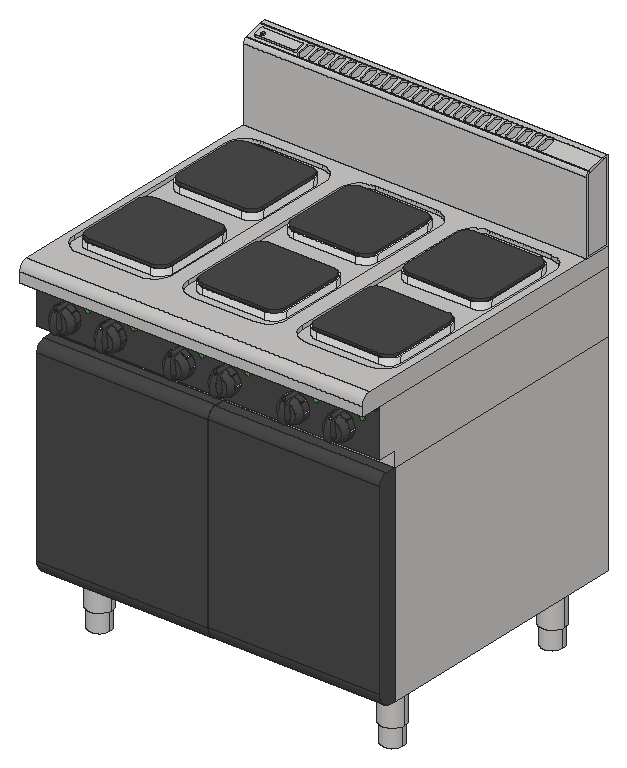
Revit family "QF_Moffat_RNB8600SE-CD_Electric_Cooktops_Sealed_Hobs_cat", category Specialty Equipment, Revit 2019
Family settings
  Round Connector Dimension = Use Diameter
  Part Type = Normal
  Work Plane-Based = No
  Always vertical = Yes
  Cut with Voids When Loaded = No
  Shared = No
  Room Calculation Point = No
Parameters
  Weight in Kilograms = 130
  Watts = 396 W
  Volts = 220 V
  URL Cutsheet = ""
  Specification by User = ""
  Specification by Manufacturer = ""
  Show Low Back [instance] = no
  Show Logo [instance] = yes
  Show High Back [instance] = not(Show Low Back)  # yes
  Serial Number = ""
  Seismic Rating = ""
  SMACNA No = ""
  Revision Code = ""
  Phase = 1
  Number of Poles = 1
  NAFEM Spec ID Number = ""
  Model = "RNB8600SE-CD"
  Min Ckt Ampacity = 0 A
  Max Overcurrent Protection = 0 A
  Masterspec = ""
  Manufacturer = "Moffat"
  Length = 900 mm
  Item Number = ""
  Installed By = ""
  Identify Quantity as Lot = yes
  Height = 1130 mm
  HP = ""
  Furnished By = ""
  Foodservice Equipment Identifier = yes
  FL Amps = 1.8 A
  Electrical Remarks = ""
  Electric Connection Type = ""
  Elec Conn RI Height = 0 mm
  Elec Conn Connection Height = 0 mm
  Description = "Electric Cooktops Sealed Hobs"
  Depth = 805 mm
  Cycle = 50 Hz
  Conn Plug = ""
  Conn Conduit = yes
  CSI MasterFormat = ""
  Apparent Power = if(Phase = 3, Volts * FL Amps * 1.73, Volts * FL Amps)  # 396 VA
Reference planes
  plane 1 "BACK": y = 0
  plane 2: z = 0
  plane 3 "LEFT": x = 0
  plane 4 "RIGHT": x = 900
  plane 5 "FRONT": y = -805
  plane 6 "TOP": z = 1130
  plane 7 "Center Y": x = 450
  plane 8 "Center X": y = -402.5
Dimensions and locks
  equal spacing: plane 3 "LEFT", plane 7 "Center Y", plane 4 "RIGHT"
  "Length": plane 3 "LEFT" to plane 4 "RIGHT"
  equal spacing: plane 5 "FRONT", plane 8 "Center X", plane 1 "BACK"
  "Depth": plane 5 "FRONT" to plane 1 "BACK"
  "Height": plane 6 "TOP" to level
  aligned and locked: level to plane 2
Nested families
  nested 1: "RN8600SE-CD" at (0, 0, 0), type "RN8600SE-CD"
  nested 2: "High and Low Option" at (0, 0, 0), High Back <- "Show High Back", Low Back <- "Show Low Back", Show Logo <- "Show Logo", type "RNLB8610SE"
    with Show Logo 2 yes, Show Logo 1 no, Show Logo yes, Low Back no, High Back yes
Connectors
  electrical at (770, -32, 148.4), driven by "Volts", driven by "Watts"
    settings: on nested 1, index 1, voltage 220 V, apparent load 396 VA, apparent load phase1 0 VA, apparent load phase2 0 VA, apparent load phase3 0 VA, power factor 1, load classification "Other", number of poles 1, system type 30, power factor state 1, is connector primary yes, connector utility no, sub classification motor no, connector description "ELECTRICAL CONNECTION"
Definition of nested family "RN8600SE-CD"
  Parameters (values of type "RN8600SE-CD")
    Weight in Kilograms = 195
    Watts = Volts * FL Amps  # 8800 W
    Volts = 400 V
    URL Cutsheet = ""
    Specification by User = ""
    Specification by Manufacturer = ""
    Serial Number = ""
    Seismic Rating = ""
    SMACNA No = ""
    Revision Code = ""
    Phase = 3
    Number of Poles = 1
    NAFEM Spec ID Number = ""
    Model = "RN8600SE-CD"
    Min Ckt Ampacity = 0 A
    Max Overcurrent Protection = 0 A
    Masterspec = ""
    Manufacturer = "Moffat"
    Length = 900 mm
    Item Number = ""
    Installed By = ""
    Identify Quantity as Lot = yes
    Height = 915 mm
    HP = ""
    Furnished By = ""
    Foodservice Equipment Identifier = yes
    FL Amps = 22 A
    Electrical Remarks = ""
    Electric Connection Type = ""
    Elec Conn RI Height = 0 mm
    Elec Conn Connection Height = 0 mm
    Description = "Electric Cooktops Sealed Hobs"
    Depth = 805 mm
    Cycle = 50 Hz
    Conn Plug = ""
    Conn Conduit = yes
    CSI MasterFormat = ""
    Apparent Power = if(Phase = 3, Volts * FL Amps * 1.73, Volts * FL Amps)  # 15224 VA
  Reference planes
    plane 1 "BACK": y = 0
    plane 2: z = 0
    plane 3 "LEFT": x = 0
    plane 4 "RIGHT": x = 900
    plane 5 "FRONT": y = -805
    plane 6 "TOP": z = 915
    plane 7 "Center Y": x = 450
    plane 8 "Center X": y = -402.5
  Forms (mm)
    Extrusion 1, solid
      sketch origin (0, 0, 0) x (0, 1, 0) y (0, 0, 1)
        loop
          line (-805, 866) -> (0, 866) -> (0, 915) -> (-781, 915)
          arc (-781, 915) -> (-797.971, 907.971) -> (-805, 891) r 24
          line (-805, 891) -> (-805, 866)
      from 0 to 900
    Extrusion 2, solid
      sketch origin (0, 0, 55) x (0, 1, 0) y (0, 0, 1)
        loop
          line (-749, 811) -> (-749, 685) -> (0, 685) -> (0, 811) -> (-749, 811)
      from 0 to 900
    Extrusion 3, solid
      sketch origin (0, 0, 55) x (0, 1, 0) y (0, 0, 1)
        loop
          line (-699, 685) -> (-699, 645.45) -> (0, 645.45) -> (0, 685) -> (-699, 685)
      from 0 to 900
    Extrusion 4, solid
      sketch origin (900, 0, 0) x (0, 1, 0) y (0, 0, -1)
        loop
          line (-699, -700.45) -> (-699, -150) -> (-711, -150)
          arc (-711, -150) -> (-737.87, -161.13) -> (-749, -188) r 38
          line (-749, -188) -> (-749, -676.45)
          arc (-749, -676.45) -> (-741.971, -693.421) -> (-725, -700.45) r 24
          line (-725, -700.45) -> (-699, -700.45)
      from 0 to 449.5
    Extrusion 5, solid
      sketch origin (0, 0, 0) x (0, 1, 0) y (0, 0, 1)
        loop
          line (-699, 700.45) -> (-725, 700.45)
          arc (-725, 700.45) -> (-741.971, 693.421) -> (-749, 676.45) r 24
          line (-749, 676.45) -> (-749, 188)
          arc (-749, 188) -> (-737.87, 161.13) -> (-711, 150) r 38
          line (-711, 150) -> (-699, 150) -> (-699, 700.45)
      from 0 to 449.5
    Extrusion 6, solid
      sketch origin (900, 0, 0) x (0, -1, 0) y (0, 0, 1)
        loop
          line (0, 150) -> (699, 150) -> (699, 700.45) -> (0, 700.45) -> (0, 150)
      from 0 to 900
    Extrusion 7, void
      sketch origin (0, 0, 915) x (1, 0, 0) y (0, -1, 0)
        loop
          line (69, 102) -> (231, 102)
          arc (231, 102) -> (266.355, 116.645) -> (281, 152) r 50
          line (281, 152) -> (281, 652)
          arc (281, 652) -> (266.355, 687.355) -> (231, 702) r 50
          line (231, 702) -> (69, 702)
          arc (69, 702) -> (33.645, 687.355) -> (19, 652) r 50
          line (19, 652) -> (19, 152)
          arc (19, 152) -> (33.645, 116.645) -> (69, 102) r 50
        loop
          line (369, 102) -> (531, 102)
          arc (531, 102) -> (566.355, 116.645) -> (581, 152) r 50
          line (581, 152) -> (581, 652)
          arc (581, 652) -> (566.355, 687.355) -> (531, 702) r 50
          line (531, 702) -> (369, 702)
          arc (369, 702) -> (333.645, 687.355) -> (319, 652) r 50
          line (319, 652) -> (319, 152)
          arc (319, 152) -> (333.645, 116.645) -> (369, 102) r 50
        loop
          line (669, 102) -> (831, 102)
          arc (831, 102) -> (866.355, 116.645) -> (881, 152) r 50
          line (881, 152) -> (881, 652)
          arc (881, 652) -> (866.355, 687.355) -> (831, 702) r 50
          line (831, 702) -> (669, 702)
          arc (669, 702) -> (633.645, 687.355) -> (619, 652) r 50
          line (619, 652) -> (619, 152)
          arc (619, 152) -> (633.645, 116.645) -> (669, 102) r 50
      from 0 to 9.435
    Extrusion 8, solid
      sketch origin (0, -70, 905.565) x (1, 0, 0) y (0, 1, 0)
        loop
          line (232, -68) -> (68, -68)
          arc (68, -68) -> (45.373, -77.373) -> (36, -100) r 32
          line (36, -100) -> (36, -264)
          arc (36, -264) -> (45.373, -286.627) -> (68, -296) r 32
          line (68, -296) -> (232, -296)
          arc (232, -296) -> (254.627, -286.627) -> (264, -264) r 32
          line (264, -264) -> (264, -100)
          arc (264, -100) -> (254.627, -77.373) -> (232, -68) r 32
        loop
          line (532, -68) -> (368, -68)
          arc (368, -68) -> (345.373, -77.373) -> (336, -100) r 32
          line (336, -100) -> (336, -264)
          arc (336, -264) -> (345.373, -286.627) -> (368, -296) r 32
          line (368, -296) -> (532, -296)
          arc (532, -296) -> (554.627, -286.627) -> (564, -264) r 32
          line (564, -264) -> (564, -100)
          arc (564, -100) -> (554.627, -77.373) -> (532, -68) r 32
        loop
          line (832, -68) -> (668, -68)
          arc (668, -68) -> (645.373, -77.373) -> (636, -100) r 32
          line (636, -100) -> (636, -264)
          arc (636, -264) -> (645.373, -286.627) -> (668, -296) r 32
          line (668, -296) -> (832, -296)
          arc (832, -296) -> (854.627, -286.627) -> (864, -264) r 32
          line (864, -264) -> (864, -100)
          arc (864, -100) -> (854.627, -77.373) -> (832, -68) r 32
        loop
          line (232, -368) -> (68, -368)
          arc (68, -368) -> (45.373, -377.373) -> (36, -400) r 32
          line (36, -400) -> (36, -564)
          arc (36, -564) -> (45.373, -586.627) -> (68, -596) r 32
          line (68, -596) -> (232, -596)
          arc (232, -596) -> (254.627, -586.627) -> (264, -564) r 32
          line (264, -564) -> (264, -400)
          arc (264, -400) -> (254.627, -377.373) -> (232, -368) r 32
        loop
          line (532, -368) -> (368, -368)
          arc (368, -368) -> (345.373, -377.373) -> (336, -400) r 32
          line (336, -400) -> (336, -564)
          arc (336, -564) -> (345.373, -586.627) -> (368, -596) r 32
          line (368, -596) -> (532, -596)
          arc (532, -596) -> (554.627, -586.627) -> (564, -564) r 32
          line (564, -564) -> (564, -400)
          arc (564, -400) -> (554.627, -377.373) -> (532, -368) r 32
        loop
          line (832, -368) -> (668, -368)
          arc (668, -368) -> (645.373, -377.373) -> (636, -400) r 32
          line (636, -400) -> (636, -564)
          arc (636, -564) -> (645.373, -586.627) -> (668, -596) r 32
          line (668, -596) -> (832, -596)
          arc (832, -596) -> (854.627, -586.627) -> (864, -564) r 32
          line (864, -564) -> (864, -400)
          arc (864, -400) -> (854.627, -377.373) -> (832, -368) r 32
      from 0 to 17.735
    Extrusion 9, solid
      sketch origin (0, -70, 923.3) x (1, 0, 0) y (0, 1, 0)
        loop
          line (233, -72) -> (67, -72)
          arc (67, -72) -> (47.908, -79.908) -> (40, -99) r 27
          line (40, -99) -> (40, -265)
          arc (40, -265) -> (47.908, -284.092) -> (67, -292) r 27
          line (67, -292) -> (233, -292)
          arc (233, -292) -> (252.092, -284.092) -> (260, -265) r 27
          line (260, -265) -> (260, -99)
          arc (260, -99) -> (252.092, -79.908) -> (233, -72) r 27
        loop
          line (533, -72) -> (367, -72)
          arc (367, -72) -> (347.908, -79.908) -> (340, -99) r 27
          line (340, -99) -> (340, -265)
          arc (340, -265) -> (347.908, -284.092) -> (367, -292) r 27
          line (367, -292) -> (533, -292)
          arc (533, -292) -> (552.092, -284.092) -> (560, -265) r 27
          line (560, -265) -> (560, -99)
          arc (560, -99) -> (552.092, -79.908) -> (533, -72) r 27
        loop
          line (833, -72) -> (667, -72)
          arc (667, -72) -> (647.908, -79.908) -> (640, -99) r 27
          line (640, -99) -> (640, -265)
          arc (640, -265) -> (647.908, -284.092) -> (667, -292) r 27
          line (667, -292) -> (833, -292)
          arc (833, -292) -> (852.092, -284.092) -> (860, -265) r 27
          line (860, -265) -> (860, -99)
          arc (860, -99) -> (852.092, -79.908) -> (833, -72) r 27
        loop
          line (833, -372) -> (667, -372)
          arc (667, -372) -> (647.908, -379.908) -> (640, -399) r 27
          line (640, -399) -> (640, -565)
          arc (640, -565) -> (647.908, -584.092) -> (667, -592) r 27
          line (667, -592) -> (833, -592)
          arc (833, -592) -> (852.092, -584.092) -> (860, -565) r 27
          line (860, -565) -> (860, -399)
          arc (860, -399) -> (852.092, -379.908) -> (833, -372) r 27
        loop
          line (533, -372) -> (367, -372)
          arc (367, -372) -> (347.908, -379.908) -> (340, -399) r 27
          line (340, -399) -> (340, -565)
          arc (340, -565) -> (347.908, -584.092) -> (367, -592) r 27
          line (367, -592) -> (533, -592)
          arc (533, -592) -> (552.092, -584.092) -> (560, -565) r 27
          line (560, -565) -> (560, -399)
          arc (560, -399) -> (552.092, -379.908) -> (533, -372) r 27
        loop
          line (233, -372) -> (67, -372)
          arc (67, -372) -> (47.908, -379.908) -> (40, -399) r 27
          line (40, -399) -> (40, -565)
          arc (40, -565) -> (47.908, -584.092) -> (67, -592) r 27
          line (67, -592) -> (233, -592)
          arc (233, -592) -> (252.092, -584.092) -> (260, -565) r 27
          line (260, -565) -> (260, -399)
          arc (260, -399) -> (252.092, -379.908) -> (233, -372) r 27
      from 0 to 6.1
    Revolve 10, solid
      sketch origin (0, -625, 50) x (0, 0, -1) y (1, 0, 0)
        loop
          line (50, 65) -> (50, 92.5) -> (0, 92.5) -> (0, 96.75) -> (-100, 96.75) -> (-100, 65) -> (50, 65)
        axis (50, 65) -> (-100, 65)
      angle from 0 to 360
    Revolve 11, solid
      sketch origin (0, -625, 50) x (0, 0, -1) y (1, 0, 0)
        loop
          line (50, 835) -> (-100, 835) -> (-100, 803.25) -> (0, 803.25) -> (0, 807.5) -> (50, 807.5) -> (50, 835)
        axis (50, 835) -> (-100, 835)
      angle from 0 to 360
    Revolve 12, solid
      sketch origin (0, -100, 50) x (0, 0, -1) y (-1, 0, 0)
        loop
          line (50, -65) -> (-100, -65) -> (-100, -96.75) -> (0, -96.75) -> (0, -92.5) -> (50, -92.5) -> (50, -65)
        axis (50, -65) -> (-100, -65)
      angle from 0 to 360
    Revolve 13, solid
      sketch origin (0, -100, 50) x (0, 0, -1) y (-1, 0, 0)
        loop
          line (50, -835) -> (50, -807.5) -> (0, -807.5) -> (0, -803.25) -> (-100, -803.25) -> (-100, -835) -> (50, -835)
        axis (50, -835) -> (-100, -835)
      angle from 0 to 360
    Extrusion 14, solid
      sketch origin (9.416, -749, 786.609) x (0, 0, 1) y (-1, 0, 0)
        loop
          circle (71.343, -0.657) r 5
      from 0 to 1.6
    Extrusion 15, solid
      sketch origin (900, 0, 150) x (-1, 0, 0) y (0, 1, 0)
        loop
          circle (130, -32) r 6.4
      from 0 to 1.6
    Extrusion 16, solid
      sketch origin (890.584, -749, 786.609) x (0, 0, 1) y (-1, 0, 0)
        loop
          circle (71.343, 0.657) r 5
      from 0 to 1.6
    Extrusion 17, solid
      sketch origin (0, -749, 866) x (0, 0, -1) y (1, 0, 0)
        loop
          circle (39.7, 135) r 7.25
        loop
          circle (39.7, 255) r 7.25
        loop
          circle (39.7, 435) r 7.25
        loop
          circle (39.7, 555) r 7.25
        loop
          circle (39.7, 735) r 7.25
        loop
          circle (39.7, 855) r 7.25
      from 0 to 1.6
  Cuts and joins
    Extrusion 7 cuts Extrusion 4
    Extrusion 7 cuts Extrusion 5
    Extrusion 7 cuts Extrusion 6
    joined: Extrusion 6, Extrusion 15
    Extrusion 7 cuts Extrusion 1
    joined: Extrusion 2, Extrusion 3
  Lines and regions (mm)
    symbolic lines
      curve 1: line (900, 0, 0) -> (0, 0, 0)
      curve 2: line (0, 0, 0) -> (0, -805, 0)
      curve 3: line (900, -805, 0) -> (900, 0, 0)
      curve 4: line (0, -805, 0) -> (900, -805, 0)
      curve 5: line (69, -102, 0) -> (231, -102, 0)
      curve 6: arc (231, -102, 0) -> (266.355, -116.645, 0) -> (281, -152, 0) r 50
      curve 7: line (281, -152, 0) -> (281, -652, 0)
      curve 8: arc (281, -652, 0) -> (266.355, -687.355, 0) -> (231, -702, 0) r 50
      curve 9: line (231, -702, 0) -> (69, -702, 0)
      curve 10: arc (69, -702, 0) -> (33.645, -687.355, 0) -> (19, -652, 0) r 50
      curve 11: line (19, -652, 0) -> (19, -152, 0)
      curve 12: arc (19, -152, 0) -> (33.645, -116.645, 0) -> (69, -102, 0) r 50
      curve 13: arc (319, -152, 0) -> (333.645, -116.645, 0) -> (369, -102, 0) r 50
      curve 14: line (369, -102, 0) -> (531, -102, 0)
      curve 15: arc (531, -102, 0) -> (566.355, -116.645, 0) -> (581, -152, 0) r 50
      curve 16: line (581, -152, 0) -> (581, -652, 0)
      curve 17: arc (581, -652, 0) -> (566.355, -687.355, 0) -> (531, -702, 0) r 50
      curve 18: line (531, -702, 0) -> (369, -702, 0)
      curve 19: arc (369, -702, 0) -> (333.645, -687.355, 0) -> (319, -652, 0) r 50
      curve 20: line (319, -652, 0) -> (319, -152, 0)
      curve 21: line (669, -102, 0) -> (831, -102, 0)
      curve 22: arc (831, -102, 0) -> (866.355, -116.645, 0) -> (881, -152, 0) r 50
      curve 23: line (881, -152, 0) -> (881, -652, 0)
      curve 24: arc (881, -652, 0) -> (866.355, -687.355, 0) -> (831, -702, 0) r 50
      curve 25: line (831, -702, 0) -> (669, -702, 0)
      curve 26: arc (669, -702, 0) -> (633.645, -687.355, 0) -> (619, -652, 0) r 50
      curve 27: line (619, -652, 0) -> (619, -152, 0)
      curve 28: arc (619, -152, 0) -> (633.645, -116.645, 0) -> (669, -102, 0) r 50
      curve 29: line (232, -138, 0) -> (68, -138, 0)
      curve 30: arc (68, -138, 0) -> (45.373, -147.373, 0) -> (36, -170, 0) r 32
      curve 31: line (36, -170, 0) -> (36, -334, 0)
      curve 32: arc (36, -334, 0) -> (45.373, -356.627, 0) -> (68, -366, 0) r 32
      curve 33: line (68, -366, 0) -> (232, -366, 0)
      curve 34: arc (232, -366, 0) -> (254.627, -356.627, 0) -> (264, -334, 0) r 32
      curve 35: line (264, -334, 0) -> (264, -170, 0)
      curve 36: arc (264, -170, 0) -> (254.627, -147.373, 0) -> (232, -138, 0) r 32
      curve 37: line (233, -142, 0) -> (67, -142, 0)
      curve 38: arc (67, -142, 0) -> (47.908, -149.908, 0) -> (40, -169, 0) r 27
      curve 39: line (40, -169, 0) -> (40, -335, 0)
      curve 40: arc (40, -335, 0) -> (47.908, -354.092, 0) -> (67, -362, 0) r 27
      curve 41: line (67, -362, 0) -> (233, -362, 0)
      curve 42: arc (233, -362, 0) -> (252.092, -354.092, 0) -> (260, -335, 0) r 27
      curve 43: line (260, -335, 0) -> (260, -169, 0)
      curve 44: arc (260, -169, 0) -> (252.092, -149.908, 0) -> (233, -142, 0) r 27
      curve 45: line (233, -442, 0) -> (67, -442, 0)
      curve 46: arc (67, -442, 0) -> (47.908, -449.908, 0) -> (40, -469, 0) r 27
      curve 47: line (40, -469, 0) -> (40, -635, 0)
      curve 48: arc (40, -635, 0) -> (47.908, -654.092, 0) -> (67, -662, 0) r 27
      curve 49: line (67, -662, 0) -> (233, -662, 0)
      curve 50: arc (233, -662, 0) -> (252.092, -654.092, 0) -> (260, -635, 0) r 27
      curve 51: line (260, -635, 0) -> (260, -469, 0)
      curve 52: arc (260, -469, 0) -> (252.092, -449.908, 0) -> (233, -442, 0) r 27
      curve 53: line (232, -438, 0) -> (68, -438, 0)
      curve 54: arc (68, -438, 0) -> (45.373, -447.373, 0) -> (36, -470, 0) r 32
      curve 55: line (36, -470, 0) -> (36, -634, 0)
      curve 56: arc (36, -634, 0) -> (45.373, -656.627, 0) -> (68, -666, 0) r 32
      curve 57: line (68, -666, 0) -> (232, -666, 0)
      curve 58: arc (232, -666, 0) -> (254.627, -656.627, 0) -> (264, -634, 0) r 32
      curve 59: line (264, -634, 0) -> (264, -470, 0)
      curve 60: arc (264, -470, 0) -> (254.627, -447.373, 0) -> (232, -438, 0) r 32
      curve 61: line (367, -662, 0) -> (533, -662, 0)
      curve 62: arc (533, -662, 0) -> (552.092, -654.092, 0) -> (560, -635, 0) r 27
      curve 63: line (560, -635, 0) -> (560, -469, 0)
      curve 64: arc (560, -469, 0) -> (552.092, -449.908, 0) -> (533, -442, 0) r 27
      curve 65: line (533, -442, 0) -> (367, -442, 0)
      curve 66: arc (367, -442, 0) -> (347.908, -449.908, 0) -> (340, -469, 0) r 27
      curve 67: line (340, -469, 0) -> (340, -635, 0)
      curve 68: arc (340, -635, 0) -> (347.908, -654.092, 0) -> (367, -662, 0) r 27
      curve 69: line (368, -666, 0) -> (532, -666, 0)
      curve 70: arc (532, -666, 0) -> (554.627, -656.627, 0) -> (564, -634, 0) r 32
      curve 71: line (564, -634, 0) -> (564, -470, 0)
      curve 72: arc (564, -470, 0) -> (554.627, -447.373, 0) -> (532, -438, 0) r 32
      curve 73: line (532, -438, 0) -> (368, -438, 0)
      curve 74: arc (368, -438, 0) -> (345.373, -447.373, 0) -> (336, -470, 0) r 32
      curve 75: line (336, -470, 0) -> (336, -634, 0)
      curve 76: arc (336, -634, 0) -> (345.373, -656.627, 0) -> (368, -666, 0) r 32
      curve 77: line (532, -138, 0) -> (368, -138, 0)
      curve 78: arc (368, -138, 0) -> (345.373, -147.373, 0) -> (336, -170, 0) r 32
      curve 79: line (336, -170, 0) -> (336, -334, 0)
      curve 80: arc (336, -334, 0) -> (345.373, -356.627, 0) -> (368, -366, 0) r 32
      curve 81: line (368, -366, 0) -> (532, -366, 0)
      curve 82: arc (532, -366, 0) -> (554.627, -356.627, 0) -> (564, -334, 0) r 32
      curve 83: line (564, -334, 0) -> (564, -170, 0)
      curve 84: arc (564, -170, 0) -> (554.627, -147.373, 0) -> (532, -138, 0) r 32
      curve 85: line (533, -142, 0) -> (367, -142, 0)
      curve 86: arc (367, -142, 0) -> (347.908, -149.908, 0) -> (340, -169, 0) r 27
      curve 87: line (340, -169, 0) -> (340, -335, 0)
      curve 88: arc (340, -335, 0) -> (347.908, -354.092, 0) -> (367, -362, 0) r 27
      curve 89: line (367, -362, 0) -> (533, -362, 0)
      curve 90: arc (533, -362, 0) -> (552.092, -354.092, 0) -> (560, -335, 0) r 27
      curve 91: line (560, -335, 0) -> (560, -169, 0)
      curve 92: arc (560, -169, 0) -> (552.092, -149.908, 0) -> (533, -142, 0) r 27
      curve 93: line (833, -142, 0) -> (667, -142, 0)
      curve 94: arc (667, -142, 0) -> (647.908, -149.908, 0) -> (640, -169, 0) r 27
      curve 95: line (640, -169, 0) -> (640, -335, 0)
      curve 96: arc (640, -335, 0) -> (647.908, -354.092, 0) -> (667, -362, 0) r 27
      curve 97: line (667, -362, 0) -> (833, -362, 0)
      curve 98: arc (833, -362, 0) -> (852.092, -354.092, 0) -> (860, -335, 0) r 27
      curve 99: line (860, -335, 0) -> (860, -169, 0)
      curve 100: arc (860, -169, 0) -> (852.092, -149.908, 0) -> (833, -142, 0) r 27
      curve 101: line (832, -138, 0) -> (668, -138, 0)
      curve 102: arc (668, -138, 0) -> (645.373, -147.373, 0) -> (636, -170, 0) r 32
      curve 103: line (636, -170, 0) -> (636, -334, 0)
      curve 104: arc (636, -334, 0) -> (645.373, -356.627, 0) -> (668, -366, 0) r 32
      curve 105: line (668, -366, 0) -> (832, -366, 0)
      curve 106: arc (832, -366, 0) -> (854.627, -356.627, 0) -> (864, -334, 0) r 32
      curve 107: line (864, -334, 0) -> (864, -170, 0)
      curve 108: arc (864, -170, 0) -> (854.627, -147.373, 0) -> (832, -138, 0) r 32
      curve 109: line (833, -442, 0) -> (667, -442, 0)
      curve 110: arc (667, -442, 0) -> (647.908, -449.908, 0) -> (640, -469, 0) r 27
      curve 111: line (640, -469, 0) -> (640, -635, 0)
      curve 112: arc (640, -635, 0) -> (647.908, -654.092, 0) -> (667, -662, 0) r 27
      curve 113: line (667, -662, 0) -> (833, -662, 0)
      curve 114: arc (833, -662, 0) -> (852.092, -654.092, 0) -> (860, -635, 0) r 27
      curve 115: line (860, -635, 0) -> (860, -469, 0)
      curve 116: arc (860, -469, 0) -> (852.092, -449.908, 0) -> (833, -442, 0) r 27
      curve 117: line (832, -438, 0) -> (668, -438, 0)
      curve 118: arc (668, -438, 0) -> (645.373, -447.373, 0) -> (636, -470, 0) r 32
      curve 119: line (636, -470, 0) -> (636, -634, 0)
      curve 120: arc (636, -634, 0) -> (645.373, -656.627, 0) -> (668, -666, 0) r 32
      curve 121: line (668, -666, 0) -> (832, -666, 0)
      curve 122: arc (832, -666, 0) -> (854.627, -656.627, 0) -> (864, -634, 0) r 32
      curve 123: line (864, -634, 0) -> (864, -470, 0)
      curve 124: arc (864, -470, 0) -> (854.627, -447.373, 0) -> (832, -438, 0) r 32
  Dimensions and locks
    equal spacing: plane 3 "LEFT", plane 7 "Center Y", plane 4 "RIGHT"
    "Length": plane 3 "LEFT" to plane 4 "RIGHT"
    equal spacing: plane 5 "FRONT", plane 8 "Center X", plane 1 "BACK"
    "Depth": plane 5 "FRONT" to plane 1 "BACK"
    "Height": plane 6 "TOP" to level
    aligned and locked: level to plane 2
  Automatic sketch dimensions
    Extrusion 1 sketch curve to plane 5 "FRONT" = 0 mm
    Extrusion 1 sketch curve to plane 6 "TOP" = 0 mm
    Extrusion 1 sketch curve to plane 1 "BACK" = 0 mm
    Extrusion 1 sketch curve to plane 5 "FRONT" = 24 mm
    Extrusion 1 sketch curve to Extrusion 1 sketch curve = 25 mm
    Extrusion 2 sketch curve to plane 1 "BACK" = 0 mm
    Extrusion 2 sketch curve to plane 5 "FRONT" = 56 mm
    Extrusion 2 sketch curve to plane 6 "TOP" = 175 mm
    Extrusion 2 sketch curve to plane 6 "TOP" = 49 mm
    Extrusion 3 sketch curve to plane 1 "BACK" = 0 mm
    Extrusion 3 sketch curve to plane 5 "FRONT" = 106 mm
    Extrusion 3 sketch curve to plane 6 "TOP" = 214.55 mm
    Extrusion 3 sketch curve to Extrusion 3 sketch curve = 39.55 mm
    Extrusion 4 sketch curve to plane 5 "FRONT" = 56 mm
    Extrusion 4 sketch curve to Extrusion 4 sketch curve = 24 mm
    Extrusion 4 sketch curve to Extrusion 4 sketch curve = 38 mm
    Extrusion 4 sketch curve to Extrusion 4 sketch curve = 26 mm
    Extrusion 4 sketch curve to plane 6 "TOP" = 214.55 mm
    level to Extrusion 4 sketch curve = 188 mm
    Extrusion 5 sketch curve to plane 5 "FRONT" = 56 mm
    Extrusion 5 sketch curve to Extrusion 5 sketch curve = 24 mm
    Extrusion 5 sketch curve to Extrusion 5 sketch curve = 38 mm
    Extrusion 5 sketch curve to Extrusion 5 sketch curve = 26 mm
    level to Extrusion 5 sketch curve = 150 mm
    Extrusion 5 sketch curve to plane 6 "TOP" = 238.55 mm
    Extrusion 6 sketch curve to plane 1 "BACK" = 0 mm
    Extrusion 6 sketch curve to plane 5 "FRONT" = 106 mm
    level to Extrusion 6 sketch curve = 150 mm
    Extrusion 6 sketch curve to plane 6 "TOP" = 214.55 mm
    Extrusion 1 to Extrusion 7 sketch curve = 19 mm  (x2)
    Extrusion 7 sketch curve to Extrusion 7 sketch curve = 50 mm  (x8)
    Extrusion 7 sketch curve to Extrusion 1 = 79 mm  (x3)
    Extrusion 7 sketch curve to Extrusion 7 sketch curve = 162 mm  (x4)
    Extrusion 7 sketch curve to Extrusion 7 sketch curve = 38 mm  (x2)
    Extrusion 1 to Extrusion 7 sketch curve = 69 mm  (x2)
    Extrusion 1 to Extrusion 7 sketch curve = 152 mm  (x2)
    Extrusion 7 sketch curve to Extrusion 7 sketch curve = 0 mm
    plane 3 "LEFT" to Extrusion 8 sketch curve = 36 mm  (x2)
    Extrusion 8 sketch curve to Extrusion 8 sketch curve = 32 mm  (x18)
    Extrusion 8 sketch curve to Extrusion 8 sketch curve = 164 mm  (x8)
    Extrusion 8 sketch curve to Extrusion 8 sketch curve = 0 mm  (x2)
    Extrusion 8 sketch curve to Extrusion 8 sketch curve = 72 mm  (x4)
    plane 8 "Center X" to Extrusion 8 sketch curve = 36.5 mm  (x3)
    plane 7 "Center Y" to Extrusion 8 sketch curve = 82 mm  (x4)
    Extrusion 8 sketch curve to plane 8 "Center X" = 35.5 mm
    plane 4 "RIGHT" to Extrusion 8 sketch curve = 68 mm  (x4)
    Extrusion 8 sketch curve to plane 8 "Center X" = 67.5 mm  (x2)
    Extrusion 9 sketch curve to Extrusion 8 = 4 mm  (x19)
    Extrusion 9 sketch curve to Extrusion 8 = 31 mm  (x23)
    Extrusion 9 sketch curve to Extrusion 9 sketch curve = 27 mm  (x6)
    Revolve 10 sketch curve to level = 0 mm  (x2)
    level to Revolve 10 sketch curve = 50 mm
    Revolve 10 sketch curve to Revolve 10 sketch curve = 100 mm
    plane 3 "LEFT" to Revolve 10 sketch curve = 65 mm
    Revolve 10 sketch curve to Revolve 10 sketch curve = 27.5 mm
    Revolve 10 sketch curve to Revolve 10 sketch curve = 31.75 mm
    level to Revolve 10 sketch curve = 25 mm
    Revolve 10 sketch curve to Revolve 10 sketch curve = 0 mm
    Revolve 11 sketch curve to level = 0 mm  (x2)
    level to Revolve 11 sketch curve = 50 mm
    Revolve 11 sketch curve to Revolve 11 sketch curve = 100 mm
    plane 4 "RIGHT" to Revolve 11 sketch curve = 96.75 mm
    Revolve 11 sketch curve to Revolve 11 sketch curve = 4.25 mm
    Revolve 11 sketch curve to Revolve 11 sketch curve = 27.5 mm
    level to Revolve 11 sketch curve = 25 mm
    Revolve 11 sketch curve to Revolve 11 sketch curve = 0 mm
    Revolve 12 sketch curve to level = 0 mm  (x2)
    level to Revolve 12 sketch curve = 50 mm
    Revolve 12 sketch curve to Revolve 12 sketch curve = 100 mm
    plane 3 "LEFT" to Revolve 12 sketch curve = 96.75 mm
    Revolve 12 sketch curve to Revolve 12 sketch curve = 4.25 mm
    Revolve 12 sketch curve to Revolve 12 sketch curve = 27.5 mm
    level to Revolve 12 sketch curve = 25 mm
    Revolve 12 sketch curve to Revolve 12 sketch curve = 0 mm
    Revolve 13 sketch curve to level = 0 mm  (x2)
    level to Revolve 13 sketch curve = 50 mm
    Revolve 13 sketch curve to Revolve 13 sketch curve = 100 mm
    plane 4 "RIGHT" to Revolve 13 sketch curve = 65 mm
    Revolve 13 sketch curve to Revolve 13 sketch curve = 27.5 mm
    Revolve 13 sketch curve to Revolve 13 sketch curve = 31.75 mm
    level to Revolve 13 sketch curve = 25 mm
    Revolve 13 sketch curve to Revolve 13 sketch curve = 0 mm
    plane 3 "LEFT" to Extrusion 14 sketch curve = 10.074 mm
    Extrusion 14 sketch curve to plane 6 "TOP" = 57.048 mm
    Extrusion 15 sketch curve to Extrusion 6 = 32 mm
    Extrusion 15 sketch curve to Extrusion 6 = 130 mm
    plane 4 "RIGHT" to Extrusion 16 sketch curve = 10.074 mm
    Extrusion 16 sketch curve to plane 6 "TOP" = 57.048 mm
    Extrusion 2 to Extrusion 17 sketch curve = 39.7 mm  (x6)
    Extrusion 2 to Extrusion 17 sketch curve = 135 mm
    Extrusion 17 sketch curve to Extrusion 17 sketch curve = 120 mm  (x2)
    Extrusion 17 sketch curve to Extrusion 17 sketch curve = 180 mm
    Extrusion 2 to Extrusion 17 sketch curve = 165 mm
    Extrusion 2 to Extrusion 17 sketch curve = 45 mm
    plane 1 "BACK" to curve 1 = 0 mm
    curve 1 to plane 3 "LEFT" = 0 mm
    curve 3 to plane 5 "FRONT" = 0 mm
    curve 3 to plane 4 "RIGHT" = 0 mm
    plane 3 "LEFT" to curve 11 = 19 mm
    curve 11 to curve 12 = 50 mm
    curve 10 to curve 10 = 50 mm
    curve 10 to curve 9 = 162 mm
    curve 12 to curve 6 = 162 mm
    curve 8 to curve 7 = 50 mm
    curve 9 to plane 5 "FRONT" = 103 mm
    plane 1 "BACK" to curve 7 = 152 mm
    curve 7 to curve 20 = 38 mm
    curve 13 to curve 13 = 50 mm
    curve 19 to curve 18 = 50 mm
    plane 7 "Center Y" to curve 15 = 81 mm
    plane 7 "Center Y" to curve 18 = 81 mm
    curve 17 to curve 16 = 50 mm
    curve 18 to plane 5 "FRONT" = 103 mm
    curve 6 to curve 20 = 0 mm
    curve 16 to curve 27 = 38 mm
    curve 27 to curve 21 = 50 mm
    curve 26 to curve 26 = 50 mm
    plane 4 "RIGHT" to curve 24 = 69 mm
    plane 4 "RIGHT" to curve 22 = 69 mm
    plane 4 "RIGHT" to curve 23 = 19 mm
    curve 25 to curve 16 = 50 mm
    curve 15 to curve 27 = 0 mm
    plane 3 "LEFT" to curve 31 = 36 mm
    curve 30 to curve 12 = 1 mm
    curve 32 to curve 33 = 32 mm
    curve 6 to curve 36 = 1 mm
    plane 8 "Center X" to curve 33 = 36.5 mm
    curve 33 to curve 33 = 164 mm
    curve 34 to curve 35 = 32 mm
    curve 36 to curve 6 = 18 mm
    curve 30 to curve 39 = 4 mm
    curve 37 to curve 30 = 1 mm
    curve 40 to curve 32 = 1 mm
    curve 36 to curve 37 = 1 mm
    curve 34 to curve 41 = 1 mm
    curve 43 to curve 36 = 4 mm
    curve 32 to curve 41 = 4 mm
    curve 30 to curve 39 = 1 mm
    curve 11 to curve 47 = 21 mm
    curve 49 to curve 10 = 2 mm
    curve 47 to curve 46 = 27 mm
    curve 8 to curve 49 = 2 mm
    curve 33 to curve 52 = 1 mm
    curve 50 to curve 51 = 27 mm
    curve 49 to curve 10 = 10 mm
    curve 51 to plane 8 "Center X" = 66.5 mm
    curve 55 to curve 46 = 4 mm
    curve 46 to curve 53 = 1 mm
    curve 48 to curve 56 = 1 mm
    curve 58 to curve 50 = 1 mm
    curve 60 to curve 52 = 1 mm
    curve 51 to curve 59 = 4 mm
    curve 57 to curve 49 = 4 mm
    curve 55 to curve 46 = 1 mm
    curve 59 to curve 67 = 76 mm
    curve 66 to curve 65 = 27 mm
    curve 68 to curve 19 = 2 mm
    curve 17 to curve 62 = 2 mm
    curve 65 to plane 8 "Center X" = 39.5 mm
    plane 7 "Center Y" to curve 65 = 83 mm
    curve 64 to curve 63 = 27 mm
    curve 61 to curve 19 = 10 mm
    curve 75 to curve 66 = 4 mm
    curve 68 to curve 69 = 1 mm
    curve 66 to curve 74 = 1 mm
    curve 70 to curve 62 = 1 mm
    curve 73 to curve 64 = 1 mm
    curve 63 to curve 71 = 4 mm
    curve 69 to curve 61 = 4 mm
    curve 75 to curve 66 = 1 mm
    curve 13 to curve 79 = 17 mm
    curve 77 to curve 13 = 1 mm
    curve 80 to curve 81 = 32 mm
    curve 15 to curve 84 = 1 mm
    plane 8 "Center X" to curve 81 = 36.5 mm
    curve 81 to curve 73 = 0 mm
    curve 83 to curve 16 = 17 mm
    curve 79 to curve 13 = 18 mm
    curve 78 to curve 87 = 4 mm
    curve 85 to curve 77 = 1 mm
    curve 88 to curve 80 = 1 mm
    curve 77 to curve 85 = 1 mm
    curve 82 to curve 89 = 1 mm
    curve 91 to curve 82 = 4 mm
    curve 80 to curve 89 = 4 mm
    curve 78 to curve 86 = 1 mm
    curve 83 to curve 95 = 76 mm
    curve 96 to curve 96 = 27 mm
    curve 93 to curve 28 = 2 mm
    curve 22 to curve 93 = 2 mm
    plane 8 "Center X" to curve 97 = 40.5 mm
    plane 4 "RIGHT" to curve 97 = 67 mm
    curve 98 to curve 99 = 27 mm
    curve 94 to curve 28 = 17 mm
    curve 103 to curve 94 = 4 mm
    curve 96 to curve 105 = 1 mm
    curve 94 to curve 102 = 1 mm
    curve 106 to curve 98 = 1 mm
    curve 108 to curve 100 = 1 mm
    curve 99 to curve 107 = 4 mm
    curve 105 to curve 96 = 4 mm
    curve 102 to curve 94 = 1 mm
    curve 71 to curve 111 = 76 mm
    curve 112 to curve 26 = 2 mm
    curve 110 to curve 109 = 27 mm
    curve 24 to curve 114 = 2 mm
    plane 4 "RIGHT" to curve 116 = 67 mm
    curve 114 to curve 115 = 27 mm
    curve 113 to curve 24 = 10 mm
    curve 116 to plane 8 "Center X" = 66.5 mm
    curve 119 to curve 112 = 4 mm
    curve 112 to curve 121 = 1 mm
    curve 110 to curve 118 = 1 mm
    curve 121 to curve 114 = 1 mm
    curve 117 to curve 116 = 1 mm
    curve 116 to curve 123 = 4 mm
    curve 121 to curve 112 = 4 mm
    curve 124 to curve 116 = 1 mm
    radius of Extrusion 14 sketch curve = 5 mm
    radius of Extrusion 15 sketch curve = 6.4 mm
    radius of Extrusion 16 sketch curve = 5 mm
    radius of Extrusion 17 sketch curve = 7.25 mm  (x6)
  Nested families
    nested 1: "Knob" at (57.325, -749, 764.49), type "Knob"
    nested 2: "Knob" at (177.5, -749, 764.49), type "Knob"
    nested 3: "Knob" at (357.5, -749, 764.49), type "Knob"
    nested 4: "Knob" at (722.5, -749, 764.49) x (-1, 0, 0) z (0, 0, 1), type "Knob"
    nested 5: "Knob" at (542.5, -749, 764.49) x (-1, 0, 0) z (0, 0, 1), type "Knob"
    nested 6: "Knob" at (842.5, -749, 764.49) x (-1, 0, 0) z (0, 0, 1), type "Knob"
  Definition of nested family "Knob"
    Parameters (values of type "Knob")
      Weight in Pounds = 0
      URL Cutsheet = ""
      Specification by User = ""
      Specification by Manufacturer = ""
      Serial Number = ""
      Seismic Rating = ""
      SMACNA No = ""
      Revision Code = ""
      NAFEM Spec ID Number = ""
      Masterspec = ""
      Length = 65 mm
      Item Number = ""
      Installed By = ""
      Identify Quantity as Lot = yes
      Height = 69.5 mm
      Furnished By = ""
      Foodservice Equipment Identifier = yes
      Depth = 59 mm
      CSI MasterFormat = ""
    Reference planes
      plane 1 "BACK": y = 0
      plane 2: z = 0
      plane 3 "LEFT": x = 0
      plane 4 "RIGHT": x = 65
      plane 5 "FRONT": y = -59
      plane 6 "TOP": z = 69.5
      plane 7 "Center Y": x = 32.5
      plane 8 "Center X": y = -29.5
    Forms (mm)
      Revolve 1, solid
        sketch origin (32.5, 175.397, 1219.2) x (0, 1, 0) y (0, 0, 1)
          loop
            line (-175.397, -1186.7) -> (-219.397, -1186.7) -> (-219.397, -1211.501) -> (-202.106, -1219.2) -> (-185.397, -1219.2) -> (-185.397, -1191.7) -> (-175.397, -1191.7) -> (-175.397, -1186.7)
          axis (-219.397, -1186.7) -> (-175.397, -1186.7)
        angle from 0 to 360
      Extrusion 2, solid
        sketch origin (32.5, 175.397, 1219.2) x (0, 1, 0) y (0, 0, 1)
          loop
            line (-202.106, -1154.2) -> (-185.397, -1154.2) -> (-185.397, -1149.7) -> (-224.105, -1149.7)
            arc (-224.105, -1149.7) -> (-233.965, -1178.467) -> (-230.696, -1208.7) r 70
            line (-230.696, -1208.7) -> (-219.397, -1208.7) -> (-219.397, -1161.899) -> (-202.106, -1154.2)
        from -15 to 15
      Extrusion 3, void
        sketch origin (0, 0, 0) x (1, 0, 0) y (0, 0, 1)
          loop
            line (27.501, 64.613) -> (22.02, 20.585)
            arc (22.02, 20.585) -> (32.792, 10.488) -> (42.986, 21.169) r 10.487
            line (42.986, 21.169) -> (37.499, 64.613)
            arc (37.499, 64.613) -> (32.5, 69.5) -> (27.501, 64.613) r 5
          loop
            line (10, 72.977) -> (10, 5.625) -> (55, 5.625) -> (55, 72.977) -> (10, 72.977)
        from 6.142 to 69.687
      Extrusion 4, solid
        sketch origin (0, -34.115, -16.916) x (1, 0, 0) y (0, 0.45399, 0.891007)
          loop
            circle (32.497, 65) r 2
        from 51.525 to 53.075
      Extrusion 5, solid
        sketch origin (32.5, -10, 32.5) x (0, 0, -1) y (-1, 0, 0)
          loop
            line (-23.54, -22.408) -> (-24.106, -22.974)
            arc (-24.106, -22.974) -> (-23.547, -23.547) -> (-22.974, -24.106) r 33.3
            line (-22.974, -24.106) -> (-22.408, -23.54)
            arc (-22.408, -23.54) -> (-22.981, -22.981) -> (-23.54, -22.408) r 32.5
          loop
            arc (-0.8, -33.29) -> (0, -33.3) -> (0.8, -33.29) r 33.3
            line (0.8, -33.29) -> (0.8, -32.49)
            arc (0.8, -32.49) -> (0, -32.5) -> (-0.8, -32.49) r 32.5
            line (-0.8, -32.49) -> (-0.8, -33.29)
          loop
            arc (23.54, -22.408) -> (22.981, -22.981) -> (22.408, -23.54) r 32.5
            line (22.408, -23.54) -> (22.974, -24.106)
            arc (22.974, -24.106) -> (23.547, -23.547) -> (24.106, -22.974) r 33.3
            line (24.106, -22.974) -> (23.54, -22.408)
          loop
            arc (-23.54, 22.408) -> (-22.981, 22.981) -> (-22.408, 23.54) r 32.5
            line (-22.408, 23.54) -> (-22.974, 24.106)
            arc (-22.974, 24.106) -> (-23.547, 23.547) -> (-24.106, 22.974) r 33.3
            line (-24.106, 22.974) -> (-23.54, 22.408)
          loop
            line (-0.8, 33.29) -> (-0.8, 32.49)
            arc (-0.8, 32.49) -> (0, 32.5) -> (0.8, 32.49) r 32.5
            line (0.8, 32.49) -> (0.8, 33.29)
            arc (0.8, 33.29) -> (0, 33.3) -> (-0.8, 33.29) r 33.3
          loop
            line (32.49, -0.8) -> (33.29, -0.8)
            arc (33.29, -0.8) -> (33.3, 0) -> (33.29, 0.8) r 33.3
            line (33.29, 0.8) -> (32.49, 0.8)
            arc (32.49, 0.8) -> (32.5, 0) -> (32.49, -0.8) r 32.5
          loop
            arc (24.106, 22.974) -> (23.547, 23.547) -> (22.974, 24.106) r 33.3
            line (22.974, 24.106) -> (22.408, 23.54)
            arc (22.408, 23.54) -> (22.981, 22.981) -> (23.54, 22.408) r 32.5
            line (23.54, 22.408) -> (24.106, 22.974)
        from 0 to -16.709
    Cuts and joins
      Extrusion 3 cuts Extrusion 2
    Dimensions and locks
      equal spacing: plane 3 "LEFT", plane 7 "Center Y", plane 4 "RIGHT"
      "Length": plane 3 "LEFT" to plane 4 "RIGHT"
      equal spacing: plane 5 "FRONT", plane 8 "Center X", plane 1 "BACK"
      "Depth": plane 5 "FRONT" to plane 1 "BACK"
      "Height": plane 6 "TOP" to level
      plane 4 "RIGHT" to plane 3 "LEFT" = 65 mm
      aligned and locked: level to plane 2
    Automatic sketch dimensions
      Revolve 1 sketch curve to level = 0 mm
      Revolve 1 sketch curve to plane 1 "BACK" = 0 mm  (x2)
      plane 1 "BACK" to Revolve 1 sketch curve = 10 mm
      plane 8 "Center X" to Revolve 1 sketch curve = 2.791 mm
      Revolve 1 sketch curve to plane 8 "Center X" = 14.5 mm
      level to Revolve 1 sketch curve = 7.699 mm
      level to Revolve 1 sketch curve = 27.5 mm
      Revolve 1 sketch curve to Revolve 1 sketch curve = 5 mm
      Revolve 1 sketch curve to Revolve 1 sketch curve = 35 mm
      Revolve 1 sketch curve to Revolve 1 sketch curve = 0 mm
      Extrusion 2 sketch curve to plane 6 "TOP" = 0 mm
      Extrusion 2 sketch curve to plane 5 "FRONT" = 3.702 mm
      Extrusion 2 sketch curve to plane 5 "FRONT" = 10.293 mm
      Extrusion 2 sketch curve to Extrusion 2 sketch curve = 11.298 mm
      plane 8 "Center X" to Extrusion 2 sketch curve = 2.791 mm
      plane 1 "BACK" to Extrusion 2 sketch curve = 10 mm
      Extrusion 2 sketch curve to plane 1 "BACK" = 11 mm
      Extrusion 2 sketch curve to plane 6 "TOP" = 4.5 mm
      Extrusion 2 sketch curve to plane 6 "TOP" = 12.199 mm
      level to Extrusion 2 sketch curve = 32.962 mm
      level to Extrusion 3 sketch curve = 5.625 mm
      Extrusion 3 sketch curve to plane 7 "Center Y" = 0 mm  (x2)
      Extrusion 3 sketch curve to plane 7 "Center Y" = 4.999 mm
      Extrusion 3 sketch curve to plane 7 "Center Y" = 10.48 mm
      plane 6 "TOP" to Extrusion 3 sketch curve = 3.477 mm
      plane 3 "LEFT" to Extrusion 3 sketch curve = 10 mm
      Extrusion 3 sketch curve to plane 6 "TOP" = 4.887 mm
      Extrusion 3 sketch curve to Extrusion 3 sketch curve = 4.999 mm
      plane 7 "Center Y" to Extrusion 3 sketch curve = 10.486 mm
      level to Extrusion 3 sketch curve = 20.585 mm
      Extrusion 3 sketch curve to Extrusion 3 sketch curve = 0.387 mm
      Extrusion 3 sketch curve to Extrusion 3 sketch curve = 0.113 mm
      plane 4 "RIGHT" to Extrusion 3 sketch curve = 10 mm
      Extrusion 5 sketch curve to Revolve 1 = 32.49 mm
      Revolve 1 to Extrusion 5 sketch curve = 32.49 mm
      Extrusion 5 sketch curve to Revolve 1 = 23.54 mm  (x2)
      Revolve 1 to Extrusion 5 sketch curve = 23.54 mm  (x2)
      Extrusion 5 sketch curve to Revolve 1 = 24.106 mm  (x2)
      Revolve 1 to Extrusion 5 sketch curve = 24.106 mm  (x2)
      Revolve 1 to Extrusion 5 sketch curve = 22.408 mm  (x2)
      Extrusion 5 sketch curve to Revolve 1 = 22.408 mm  (x2)
      Revolve 1 to Extrusion 5 sketch curve = 22.974 mm  (x2)
      Extrusion 5 sketch curve to Revolve 1 = 22.974 mm  (x2)
      Extrusion 5 sketch curve to Extrusion 5 sketch curve = 1.6 mm  (x2)
      Revolve 1 to Extrusion 5 sketch curve = 0.8 mm
      Extrusion 5 sketch curve to Revolve 1 = 0.8 mm
      Extrusion 4 sketch curve to plane 7 "Center Y" = 0.003 mm
      radius of Extrusion 5 sketch curve to Revolve 1 = 0 mm  (x7)
      radius of Revolve 1 to Extrusion 5 sketch curve = 0.8 mm  (x7)
      radius of Extrusion 4 sketch curve = 2 mm
Definition of nested family "High and Low Option"
  Parameters (values of type "RNLB8610SE")
    Weight in Kilograms = 0
    Watts = Volts * FL Amps  # 12400 W
    Volts = 400 V
    URL Cutsheet = ""
    Specification by User = ""
    Specification by Manufacturer = ""
    Show Logo 2 [instance] = and(Show Logo, High Back)  # yes
    Show Logo 1 [instance] = and(Show Logo, Low Back)  # yes
    Show Logo [instance] = yes
    Serial Number = ""
    Seismic Rating = ""
    SMACNA No = ""
    Revision Code = ""
    Phase = 3
    Number of Poles = 1
    NAFEM Spec ID Number = ""
    Model = ""
    Min Ckt Ampacity = 0 A
    Max Overcurrent Protection = 0 A
    Masterspec = ""
    Manufacturer = ""
    Low Back [instance] = yes
    Length = 900 mm
    Item Number = ""
    Installed By = ""
    Identify Quantity as Lot = yes
    High Back [instance] = yes
    Height = 970 mm
    HP = ""
    Furnished By = ""
    Foodservice Equipment Identifier = yes
    FL Amps = 31 A
    Electrical Remarks = ""
    Electric Connection Type = ""
    Elec Conn RI Height = 0 mm
    Elec Conn Connection Height = 0 mm
    Description = ""
    Depth = 805 mm
    Cycle = 50 Hz
    Conn Plug = ""
    Conn Conduit = yes
    CSI MasterFormat = ""
    Apparent Power = if(Phase = 3, Volts * FL Amps * 1.73, Volts * FL Amps)  # 21452 VA
  Reference planes
    plane 1 "BACK": y = 0
    plane 2: z = 0
    plane 3 "LEFT": x = 0
    plane 4 "RIGHT": x = 900
    plane 5 "FRONT": y = -805
    plane 6 "TOP": z = 970
    plane 7 "Center Y": x = 450
    plane 8 "Center X": y = -402.5
    plane 9: x = 65.5
    plane 10: x = 834.5
    plane 11: z = 150
    plane 12: z = 675
    plane 13: z = 1130
    plane 14: z = 934.75
  Forms (mm)
    Extrusion 1, solid, visible <- "Low Back"
      sketch origin (0, 0, 600) x (0, 1, 0) y (0, 0, 1)
        loop
          line (-70, 315) -> (0, 315) -> (0, 370) -> (-55, 370) -> (-70, 355) -> (-70, 315)
      from 0 to 900
    Extrusion 2, solid, visible <- "High Back"
      sketch origin (0, 0, 0) x (0, 1, 0) y (0, 0, 1)
        loop
          line (-70, 915) -> (0, 915) -> (0, 1130) -> (-15, 1130) -> (-14.143, 1126.8) -> (-3.2, 1126.8) -> (-3.2, 918.2) -> (-66.8, 918.2) -> (-66.8, 1106.055)
          arc (-66.8, 1106.055) -> (-64.982, 1111.412) -> (-60.278, 1114.555) r 8.8
          line (-60.278, 1114.555) -> (-61.106, 1117.646)
          arc (-61.106, 1117.646) -> (-67.52, 1113.36) -> (-70, 1106.055) r 12
          line (-70, 1106.055) -> (-70, 915)
      from 0 to 900
    Extrusion 3, solid, visible <- "High Back"
      sketch origin (0, 0, 0) x (0, 1, 0) y (0, 0, 1)
        loop
          line (-60.306, 1114.66) -> (-15, 1126.8) -> (-3.2, 1126.8) -> (-3.2, 918.2) -> (-66.8, 918.2) -> (-66.8, 1106.055)
          arc (-66.8, 1106.055) -> (-64.982, 1111.412) -> (-60.278, 1114.555) r 8.8
      from 0 to 3.2
    Extrusion 4, solid, visible <- "High Back"
      sketch origin (900, 0, 0) x (0, 1, 0) y (0, 0, -1)
        loop
          line (-60.306, -1114.66) -> (-15, -1126.8) -> (-3.2, -1126.8) -> (-3.2, -918.2) -> (-66.8, -918.2) -> (-66.8, -1106.055)
          arc (-66.8, -1106.055) -> (-64.982, -1111.412) -> (-60.278, -1114.555) r 8.8
      from 0 to 3.2
    Extrusion 5, solid, visible <- "High Back"
      sketch origin (0, -15, 1130) x (0, -0.965926, -0.258819) y (1, 0, 0)
        loop
          line (47.732, 900) -> (0, 900) -> (0, 0) -> (47.732, 0) -> (47.732, 900)
        loop
          arc (11.379, 149.307) -> (1.379, 139.307) -> (11.379, 129.307) r 10
          line (11.379, 129.307) -> (36.495, 129.307)
          arc (36.495, 129.307) -> (46.495, 139.307) -> (36.495, 149.307) r 10
          line (36.495, 149.307) -> (11.379, 149.307)
        loop
          arc (11.379, 176.588) -> (1.379, 166.588) -> (11.379, 156.588) r 10
          line (11.379, 156.588) -> (36.495, 156.588)
          arc (36.495, 156.588) -> (46.495, 166.588) -> (36.495, 176.588) r 10
          line (36.495, 176.588) -> (11.379, 176.588)
        loop
          arc (11.379, 203.868) -> (1.379, 193.868) -> (11.379, 183.868) r 10
          line (11.379, 183.868) -> (36.495, 183.868)
          arc (36.495, 183.868) -> (46.495, 193.868) -> (36.495, 203.868) r 10
          line (36.495, 203.868) -> (11.379, 203.868)
        loop
          arc (11.379, 231.148) -> (1.379, 221.148) -> (11.379, 211.148) r 10
          line (11.379, 211.148) -> (36.495, 211.148)
          arc (36.495, 211.148) -> (46.495, 221.148) -> (36.495, 231.148) r 10
          line (36.495, 231.148) -> (11.379, 231.148)
        loop
          arc (11.379, 258.428) -> (1.379, 248.428) -> (11.379, 238.428) r 10
          line (11.379, 238.428) -> (36.495, 238.428)
          arc (36.495, 238.428) -> (46.495, 248.428) -> (36.495, 258.428) r 10
          line (36.495, 258.428) -> (11.379, 258.428)
        loop
          arc (11.379, 285.709) -> (1.379, 275.709) -> (11.379, 265.709) r 10
          line (11.379, 265.709) -> (36.495, 265.709)
          arc (36.495, 265.709) -> (46.495, 275.709) -> (36.495, 285.709) r 10
          line (36.495, 285.709) -> (11.379, 285.709)
        loop
          arc (11.379, 312.989) -> (1.379, 302.989) -> (11.379, 292.989) r 10
          line (11.379, 292.989) -> (36.495, 292.989)
          arc (36.495, 292.989) -> (46.495, 302.989) -> (36.495, 312.989) r 10
          line (36.495, 312.989) -> (11.379, 312.989)
        loop
          arc (11.379, 340.269) -> (1.379, 330.269) -> (11.379, 320.269) r 10
          line (11.379, 320.269) -> (36.495, 320.269)
          arc (36.495, 320.269) -> (46.495, 330.269) -> (36.495, 340.269) r 10
          line (36.495, 340.269) -> (11.379, 340.269)
        loop
          arc (11.379, 367.549) -> (1.379, 357.549) -> (11.379, 347.549) r 10
          line (11.379, 347.549) -> (36.495, 347.549)
          arc (36.495, 347.549) -> (46.495, 357.549) -> (36.495, 367.549) r 10
          line (36.495, 367.549) -> (11.379, 367.549)
        loop
          arc (11.379, 394.829) -> (1.379, 384.829) -> (11.379, 374.829) r 10
          line (11.379, 374.829) -> (36.495, 374.829)
          arc (36.495, 374.829) -> (46.495, 384.829) -> (36.495, 394.829) r 10
          line (36.495, 394.829) -> (11.379, 394.829)
        loop
          arc (11.379, 422.11) -> (1.379, 412.11) -> (11.379, 402.11) r 10
          line (11.379, 402.11) -> (36.495, 402.11)
          arc (36.495, 402.11) -> (46.495, 412.11) -> (36.495, 422.11) r 10
          line (36.495, 422.11) -> (11.379, 422.11)
        loop
          arc (11.379, 449.39) -> (1.379, 439.39) -> (11.379, 429.39) r 10
          line (11.379, 429.39) -> (36.495, 429.39)
          arc (36.495, 429.39) -> (46.495, 439.39) -> (36.495, 449.39) r 10
          line (36.495, 449.39) -> (11.379, 449.39)
        loop
          arc (11.379, 476.67) -> (1.379, 466.67) -> (11.379, 456.67) r 10
          line (11.379, 456.67) -> (36.495, 456.67)
          arc (36.495, 456.67) -> (46.495, 466.67) -> (36.495, 476.67) r 10
          line (36.495, 476.67) -> (11.379, 476.67)
        loop
          arc (11.379, 503.95) -> (1.379, 493.95) -> (11.379, 483.95) r 10
          line (11.379, 483.95) -> (36.495, 483.95)
          arc (36.495, 483.95) -> (46.495, 493.95) -> (36.495, 503.95) r 10
          line (36.495, 503.95) -> (11.379, 503.95)
        loop
          arc (11.379, 531.23) -> (1.379, 521.23) -> (11.379, 511.23) r 10
          line (11.379, 511.23) -> (36.495, 511.23)
          arc (36.495, 511.23) -> (46.495, 521.23) -> (36.495, 531.23) r 10
          line (36.495, 531.23) -> (11.379, 531.23)
        loop
          arc (11.379, 558.511) -> (1.379, 548.511) -> (11.379, 538.511) r 10
          line (11.379, 538.511) -> (36.495, 538.511)
          arc (36.495, 538.511) -> (46.495, 548.511) -> (36.495, 558.511) r 10
          line (36.495, 558.511) -> (11.379, 558.511)
        loop
          arc (11.379, 585.791) -> (1.379, 575.791) -> (11.379, 565.791) r 10
          line (11.379, 565.791) -> (36.495, 565.791)
          arc (36.495, 565.791) -> (46.495, 575.791) -> (36.495, 585.791) r 10
          line (36.495, 585.791) -> (11.379, 585.791)
        loop
          arc (11.379, 613.071) -> (1.379, 603.071) -> (11.379, 593.071) r 10
          line (11.379, 593.071) -> (36.495, 593.071)
          arc (36.495, 593.071) -> (46.495, 603.071) -> (36.495, 613.071) r 10
          line (36.495, 613.071) -> (11.379, 613.071)
        loop
          arc (11.379, 640.351) -> (1.379, 630.351) -> (11.379, 620.351) r 10
          line (11.379, 620.351) -> (36.495, 620.351)
          arc (36.495, 620.351) -> (46.495, 630.351) -> (36.495, 640.351) r 10
          line (36.495, 640.351) -> (11.379, 640.351)
        loop
          arc (11.379, 667.632) -> (1.379, 657.632) -> (11.379, 647.632) r 10
          line (11.379, 647.632) -> (36.495, 647.632)
          arc (36.495, 647.632) -> (46.495, 657.632) -> (36.495, 667.632) r 10
          line (36.495, 667.632) -> (11.379, 667.632)
        loop
          arc (11.379, 694.912) -> (1.379, 684.912) -> (11.379, 674.912) r 10
          line (11.379, 674.912) -> (36.495, 674.912)
          arc (36.495, 674.912) -> (46.495, 684.912) -> (36.495, 694.912) r 10
          line (36.495, 694.912) -> (11.379, 694.912)
        loop
          arc (11.379, 722.192) -> (1.379, 712.192) -> (11.379, 702.192) r 10
          line (11.379, 702.192) -> (36.495, 702.192)
          arc (36.495, 702.192) -> (46.495, 712.192) -> (36.495, 722.192) r 10
          line (36.495, 722.192) -> (11.379, 722.192)
        loop
          arc (11.379, 749.472) -> (1.379, 739.472) -> (11.379, 729.472) r 10
          line (11.379, 729.472) -> (36.495, 729.472)
          arc (36.495, 729.472) -> (46.495, 739.472) -> (36.495, 749.472) r 10
          line (36.495, 749.472) -> (11.379, 749.472)
        loop
          arc (11.379, 776.752) -> (1.379, 766.752) -> (11.379, 756.752) r 10
          line (11.379, 756.752) -> (36.495, 756.752)
          arc (36.495, 756.752) -> (46.495, 766.752) -> (36.495, 776.752) r 10
          line (36.495, 776.752) -> (11.379, 776.752)
      from 0 to -3.2
    Extrusion 6, solid, visible <- "Low Back", not visible
      sketch origin (0, 0, 600) x (0, 1, 0) y (0, 0, 1)
        loop
          line (-70, 315) -> (0, 315) -> (0, 370) -> (-55, 370) -> (-70, 355) -> (-70, 315)
      from 0 to 900
    Extrusion 7, solid, visible <- "High Back", not visible
      sketch origin (0, 0, 0) x (0, 1, 0) y (0, 0, 1)
        loop
          line (-70, 915) -> (0, 915) -> (0, 1130) -> (-15, 1130) -> (-14.143, 1126.8) -> (-3.2, 1126.8) -> (-3.2, 918.2) -> (-66.8, 918.2) -> (-66.8, 1106.055)
          arc (-66.8, 1106.055) -> (-64.982, 1111.412) -> (-60.278, 1114.555) r 8.8
          line (-60.278, 1114.555) -> (-61.106, 1117.646)
          arc (-61.106, 1117.646) -> (-67.52, 1113.36) -> (-70, 1106.055) r 12
          line (-70, 1106.055) -> (-70, 915)
      from 0 to 900
    Extrusion 8, solid, visible <- "High Back", not visible
      sketch origin (0, 0, 0) x (0, 1, 0) y (0, 0, 1)
        loop
          line (-60.306, 1114.66) -> (-15, 1126.8) -> (-3.2, 1126.8) -> (-3.2, 918.2) -> (-66.8, 918.2) -> (-66.8, 1106.055)
          arc (-66.8, 1106.055) -> (-64.982, 1111.412) -> (-60.278, 1114.555) r 8.8
      from 0 to 3.2
    Extrusion 9, solid, visible <- "High Back", not visible
      sketch origin (900, 0, 0) x (0, 1, 0) y (0, 0, -1)
        loop
          line (-60.306, -1114.66) -> (-15, -1126.8) -> (-3.2, -1126.8) -> (-3.2, -918.2) -> (-66.8, -918.2) -> (-66.8, -1106.055)
          arc (-66.8, -1106.055) -> (-64.982, -1111.412) -> (-60.278, -1114.555) r 8.8
      from 0 to 3.2
    Extrusion 10, solid, visible <- "High Back", not visible
      sketch origin (0, -15, 1130) x (0, -0.965926, -0.258819) y (1, 0, 0)
        loop
          line (47.732, 900) -> (0, 900) -> (0, 0) -> (47.732, 0) -> (47.732, 900)
        loop
          arc (11.379, 149.307) -> (1.379, 139.307) -> (11.379, 129.307) r 10
          line (11.379, 129.307) -> (36.495, 129.307)
          arc (36.495, 129.307) -> (46.495, 139.307) -> (36.495, 149.307) r 10
          line (36.495, 149.307) -> (11.379, 149.307)
        loop
          arc (11.379, 176.588) -> (1.379, 166.588) -> (11.379, 156.588) r 10
          line (11.379, 156.588) -> (36.495, 156.588)
          arc (36.495, 156.588) -> (46.495, 166.588) -> (36.495, 176.588) r 10
          line (36.495, 176.588) -> (11.379, 176.588)
        loop
          arc (11.379, 203.868) -> (1.379, 193.868) -> (11.379, 183.868) r 10
          line (11.379, 183.868) -> (36.495, 183.868)
          arc (36.495, 183.868) -> (46.495, 193.868) -> (36.495, 203.868) r 10
          line (36.495, 203.868) -> (11.379, 203.868)
        loop
          arc (11.379, 231.148) -> (1.379, 221.148) -> (11.379, 211.148) r 10
          line (11.379, 211.148) -> (36.495, 211.148)
          arc (36.495, 211.148) -> (46.495, 221.148) -> (36.495, 231.148) r 10
          line (36.495, 231.148) -> (11.379, 231.148)
        loop
          arc (11.379, 258.428) -> (1.379, 248.428) -> (11.379, 238.428) r 10
          line (11.379, 238.428) -> (36.495, 238.428)
          arc (36.495, 238.428) -> (46.495, 248.428) -> (36.495, 258.428) r 10
          line (36.495, 258.428) -> (11.379, 258.428)
        loop
          arc (11.379, 285.709) -> (1.379, 275.709) -> (11.379, 265.709) r 10
          line (11.379, 265.709) -> (36.495, 265.709)
          arc (36.495, 265.709) -> (46.495, 275.709) -> (36.495, 285.709) r 10
          line (36.495, 285.709) -> (11.379, 285.709)
        loop
          arc (11.379, 312.989) -> (1.379, 302.989) -> (11.379, 292.989) r 10
          line (11.379, 292.989) -> (36.495, 292.989)
          arc (36.495, 292.989) -> (46.495, 302.989) -> (36.495, 312.989) r 10
          line (36.495, 312.989) -> (11.379, 312.989)
        loop
          arc (11.379, 340.269) -> (1.379, 330.269) -> (11.379, 320.269) r 10
          line (11.379, 320.269) -> (36.495, 320.269)
          arc (36.495, 320.269) -> (46.495, 330.269) -> (36.495, 340.269) r 10
          line (36.495, 340.269) -> (11.379, 340.269)
        loop
          arc (11.379, 367.549) -> (1.379, 357.549) -> (11.379, 347.549) r 10
          line (11.379, 347.549) -> (36.495, 347.549)
          arc (36.495, 347.549) -> (46.495, 357.549) -> (36.495, 367.549) r 10
          line (36.495, 367.549) -> (11.379, 367.549)
        loop
          arc (11.379, 394.829) -> (1.379, 384.829) -> (11.379, 374.829) r 10
          line (11.379, 374.829) -> (36.495, 374.829)
          arc (36.495, 374.829) -> (46.495, 384.829) -> (36.495, 394.829) r 10
          line (36.495, 394.829) -> (11.379, 394.829)
        loop
          arc (11.379, 422.11) -> (1.379, 412.11) -> (11.379, 402.11) r 10
          line (11.379, 402.11) -> (36.495, 402.11)
          arc (36.495, 402.11) -> (46.495, 412.11) -> (36.495, 422.11) r 10
          line (36.495, 422.11) -> (11.379, 422.11)
        loop
          arc (11.379, 449.39) -> (1.379, 439.39) -> (11.379, 429.39) r 10
          line (11.379, 429.39) -> (36.495, 429.39)
          arc (36.495, 429.39) -> (46.495, 439.39) -> (36.495, 449.39) r 10
          line (36.495, 449.39) -> (11.379, 449.39)
        loop
          arc (11.379, 476.67) -> (1.379, 466.67) -> (11.379, 456.67) r 10
